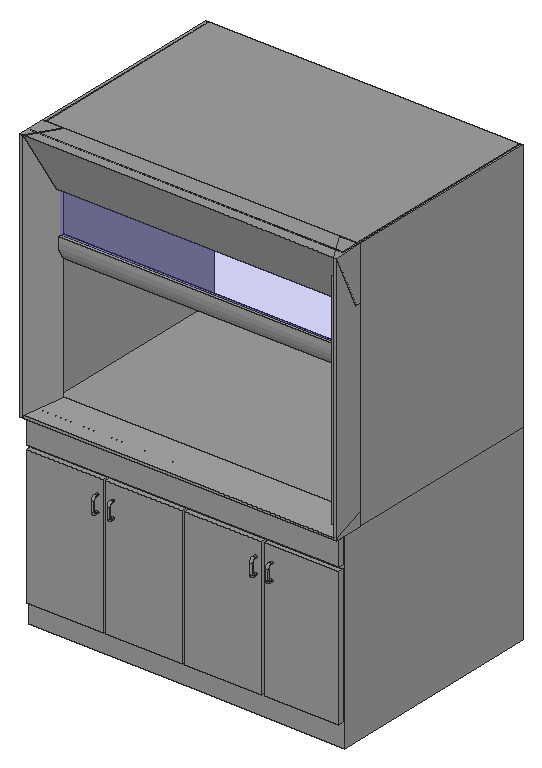
Revit family
Reference planes (in)
  plane 1 "Center Front/Back": y = 0
  plane 2: z = 0
  plane 3 "Center Left/Right": x = 0
Forms (in)
  Extrusion 1, solid, material "Wood Cabinet"
    sketch origin (0, 0, 0) x (1, 0, 0) y (0, 0, 1)
      loop
        line (0, 0) -> (30, 0) -> (30, 36) -> (-30, 36) -> (-30, 0) -> (0, 0)
    from 0 to 42
  Extrusion 2, solid, material "Wood Cabinet"
    sketch origin (0, -42, 0) x (1, 0, 0) y (0, 0, 1)
      loop
        line (29.5, 35.5) -> (-29.5, 35.5) -> (-29.5, 31) -> (29.5, 31) -> (29.5, 35.5)
      loop
        line (29.5, 30.25) -> (15.5, 30.25) -> (15.5, 4.25) -> (29.5, 4.25) -> (29.5, 30.25)
      loop
        line (-29.5, 30.25) -> (-29.5, 4.25) -> (-15, 4.25) -> (-15, 30.25) -> (-29.5, 30.25)
      loop
        line (15, 30.25) -> (0.5, 30.25) -> (0.5, 4.25) -> (15, 4.25) -> (15, 30.25)
      loop
        line (0, 30.25) -> (-14.5, 30.25) -> (-14.5, 4.25) -> (0, 4.25) -> (0, 30.25)
    from 0 to 1
  Extrusion 3, solid, material "Black Metal"
    sketch origin (-30, 0, 0) x (0, 0, 1) y (0, 1, 0)
      loop
        line (36, -42) -> (36, -44) -> (36.5, -44) -> (38.37202, -38.56327) -> (36, -38.56327) -> (36, -42)
    from 0 to -60
  Extrusion 4, solid, material "Black Metal"
    sketch origin (0, 0, 0) x (1, 0, 0) y (0, 1, 0)
      loop
        line (-26.19316, -38.56327) -> (-30, -38.56327) -> (-30, -44) -> (-29.5, -44) -> (-26.19316, -38.56327)
      loop
        line (26.19316, -38.56327) -> (29.5, -44) -> (30, -44) -> (30, -38.56327) -> (26.19316, -38.56327)
    from 36 to 84
  Extrusion 5, solid, material "Black Metal"
    sketch origin (-30, 0, 0) x (0, 0, 1) y (0, 1, 0)
      loop
        line (84, -44) -> (84, -38.56327) -> (74, -38.56327) -> (74, -39.56327) -> (84, -44)
    from 0 to -60
  Extrusion 6, solid, material "White Plastic"
    sketch origin (-0.5, -42, 0) x (1, 0, 0) y (0, 0, 1)
      loop
        line (30, 84) -> (-29, 84) -> (-29, 36) -> (30, 36) -> (30, 84)
      loop
        line (28, 83) -> (-28, 83) -> (-28, 37) -> (28, 37) -> (28, 83)
    from 0 to -42
  Extrusion 7, solid, material "Black Metal"
    sketch origin (-30, 0, 0) x (0, 0, 1) y (0, 1, 0)
      loop
        line (66, -38.56327) -> (62, -38.56327)
        arc (62, -38.56327) -> (63.89985, -39.46385) -> (66, -39.56327) r 5.35283
        line (66, -39.56327) -> (66, -38.56327)
    from -3.80684 to -56.19316
  Extrusion 8, solid, material "Glass"
    sketch origin (-30, 0, 0) x (0, 0, 1) y (0, 1, 0)
      loop
        line (74, -38.56327) -> (66, -38.56327) -> (66, -39.06327) -> (74, -39.06327) -> (74, -38.56327)
    from 0 to -60
  Sweep 9, solid, material "White Plastic"
    path origin (-30, 0, -0.68617) x (0, 0, 1) y (0, 1, 0)
      loop
        line (28, -43) -> (28, -43.5)
        arc (28, -43.5) -> (27.84467, -43.875) -> (27.46967, -44.03033) r 0.53033
        line (27.46967, -44.03033) -> (25.53033, -44.03033)
        arc (25.53033, -44.03033) -> (25.15533, -43.875) -> (25, -43.5) r 0.53033
        line (25, -43.5) -> (25, -43)
    profile origin (-30, -43.25, 27.31383) x (0, 0, 1) y (-1, 0, 0)
      loop
        circle (0, -13.83785) r 0.2
  Sweep 10, solid, material "White Plastic"
    path origin (-27, 0, -0.68617) x (0, 0, 1) y (0, 1, 0)
      loop
        line (28, -43) -> (28, -43.5)
        arc (28, -43.5) -> (27.84467, -43.875) -> (27.46967, -44.03033) r 0.53033
        line (27.46967, -44.03033) -> (25.53033, -44.03033)
        arc (25.53033, -44.03033) -> (25.15533, -43.875) -> (25, -43.5) r 0.53033
        line (25, -43.5) -> (25, -43)
    profile origin (-27, -43.25, 27.31383) x (0, 0, 1) y (-1, 0, 0)
      loop
        circle (0, -13.83785) r 0.2
  Sweep 11, solid, material "White Plastic"
    path origin (0, 0, -0.68617) x (0, 0, 1) y (0, 1, 0)
      loop
        line (28, -43) -> (28, -43.5)
        arc (28, -43.5) -> (27.84467, -43.875) -> (27.46967, -44.03033) r 0.53033
        line (27.46967, -44.03033) -> (25.53033, -44.03033)
        arc (25.53033, -44.03033) -> (25.15533, -43.875) -> (25, -43.5) r 0.53033
        line (25, -43.5) -> (25, -43)
    profile origin (0, -43.25, 27.31383) x (0, 0, 1) y (-1, 0, 0)
      loop
        circle (0, -13.83785) r 0.2
  Sweep 12, solid, material "White Plastic"
    path origin (3, 0, -0.68617) x (0, 0, 1) y (0, 1, 0)
      loop
        line (28, -43) -> (28, -43.5)
        arc (28, -43.5) -> (27.84467, -43.875) -> (27.46967, -44.03033) r 0.53033
        line (27.46967, -44.03033) -> (25.53033, -44.03033)
        arc (25.53033, -44.03033) -> (25.15533, -43.875) -> (25, -43.5) r 0.53033
        line (25, -43.5) -> (25, -43)
    profile origin (3, -43.25, 27.31383) x (0, 0, 1) y (-1, 0, 0)
      loop
        circle (0, -13.83785) r 0.2
  Extrusion 13, solid, material "Wood Cabinet"
    sketch origin (0, 0, 0) x (1, 0, 0) y (0, 0, 1)
      loop
        line (30, 84) -> (29.5, 84) -> (29.5, 36) -> (30, 36) -> (30, 84)
      loop
        line (-29.5, 84) -> (-30, 84) -> (-30, 36) -> (-29.5, 36) -> (-29.5, 84)
    from 0 to 38.56327
Dimensions and locks (in)
  Extrusion 2 sketch curve to Extrusion 2 sketch curve = 4' - 11"
  Extrusion 6 to Extrusion 6 = 4' - 8"
  Extrusion 6 to Extrusion 6 = 0' - 1"
  aligned: Extrusion 13 to Extrusion 3
